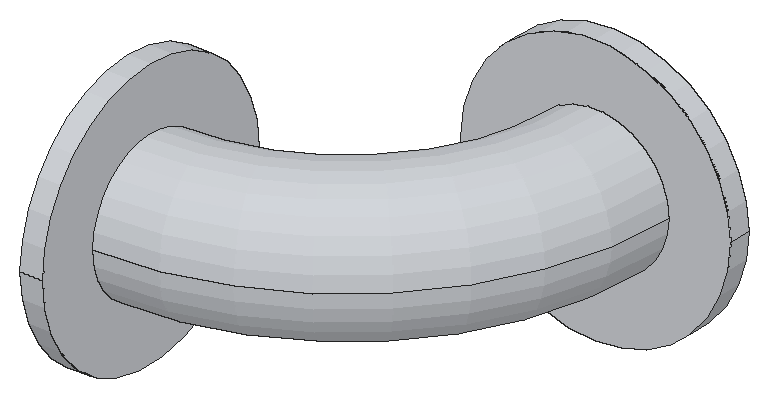
Revit family "e3e811a12c3f41afacd3b020e7b38702", category Pipe Fittings, Revit 2021
Family settings
  Round Connector Dimension = Use Radius
  Part Type = Elbow
  OmniClass Number = 23.60.30.11.14
  OmniClass Title = Pipework Fittings
  Seek Item ID = Elbow Long Radius - Flanged - GI - Class 25-0000-USA-ENU
  Work Plane-Based = No
  Always vertical = Yes
  Cut with Voids When Loaded = No
  Shared = No
Parameters (values of type "Standard")
  Wall Thickness [instance] = size_lookup(Lookup Table Name, "WThk", 0.02 * Nominal Diameter + 21/64", Nominal Diameter)  # 0.43307"
  Tick Size [instance] = Flange Diameter * 0.4  # 3.6063"
  Loss Method = K Coefficient from Table
  Lookup Table Name = "Elbow Long Radius - Flanged - GI - Class 25"
  Length 4 [instance] = Length 1 * sin(Angle)  # 9.01575"
  Length 3 [instance] = Length 1 * cos(Angle) + Length 1  # 9.01575"
  K Coefficient Table = "Long Radius Flanged 45, 90 and 180 Elbow"
  Fitting Outside Radius [instance] = Fitting Outside Diameter / 2  # 2.44094"
  Fitting Outside Diameter [instance] = Fitting Inside Diameter + Wall Thickness * 2  # 4.88189"
  Length 2 [instance] = (Fitting Outside Radius + 1/32") * tan(Angle / 2) + Flange Thickness  # 3.22023"
  Nominal Radius [instance] = 2"
  Nominal Diameter [instance] = Nominal Radius * 2  # 4"
  Fitting Inside Diameter [instance] = size_lookup(Lookup Table Name, "FID", 1.02 * Nominal Diameter - 0", Nominal Diameter)  # 4.01575"
  Length 1 [instance] = if(Center to Face > Fitting Outside Radius * tan(Angle / 2) + Flange Thickness, Center to Face, Length 2)  # 9.01575"
  Default Elevation = 0' - 0"
  Center to Face [instance] = size_lookup(Lookup Table Name, "CtF", 1.27 * Nominal Diameter + 4 1/256", Nominal Diameter)  # 9.01575"
  Center Radius [instance] = (Length 1 - Flange Thickness) / tan(Angle / 2)  # 8.26772"
  Flange Thickness [instance] = size_lookup(Lookup Table Name, "FThk", 0.03 * Nominal Diameter + 169/256", Nominal Diameter)  # 0.74803"
  Flange Radius [instance] = Flange Diameter / 2  # 4.50787"
  Flange Diameter [instance] = size_lookup(Lookup Table Name, "FDia", 1.16 * Nominal Diameter + 4 11/16", Nominal Diameter)  # 9.01575"
  Assembly Code = ""
  Angle [instance] = 90.00°
Reference planes (in)
  plane 1 "Center (Front/Back)": y = 0
  plane 2: z = 0
  plane 3 "Center (Left/Right)": x = 0
  plane 4: x = -8.26772
  plane 5: x = -9.01575
  plane 6: y = 8.26772
  plane 7: y = 3.6063
  plane 8: y = -3.6063
  plane 9: y = 9.01575
  plane 10: x = 0
Forms (in)
  Sweep 1, solid, detail levels fine
    path in 3D
      loop
        arc (-8.26772, 0, 0) -> (-2.42156, 2.42156, 0) -> (0, 8.26772, 0) r 8.26772
    profile origin (-2.42156, 2.42156, 0) x (-0.707107, 0.707107, 0) y (0, 0, 1)
      loop
        circle (0, 0) r 2.44094
  Sweep 2, solid, detail levels fine
    path in 3D
      loop
        line (-9.01575, 0, 0) -> (-8.26772, 0, 0)
    profile origin (-8.64173, 0, 0) x (0, 1, 0) y (0, 0, 1)
      loop
        circle (0, 0) r 4.50787
  Sweep 3, solid, detail levels fine
    path in 3D
      loop
        line (0, 8.26772, 0) -> (0, 9.01575, 0)
    profile origin (0, 8.64173, 0) x (-1, 0, 0) y (0, 0, 1)
      loop
        circle (0, 0) r 4.50787
Cuts and joins
  joined: Sweep 1, Sweep 2, Sweep 3
Lines and regions (in)
  model lines, detail levels coarse+medium
    curve 1: line (-9.01575, 0, 0) -> (-8.26772, 0, 0)
    curve 2: arc (-8.26772, 0, 0) -> (-2.42156, 2.42156, 0) -> (0, 8.26772, 0) r 8.26772
    curve 3: line (0, 8.26772, 0) -> (0, 9.01575, 0)
    curve 8: line (-9.01575, 0, 0) -> (-9.01575, 3.6063, 0)
    curve 9: line (-9.01575, 0, 0) -> (-9.01575, -3.6063, 0)
    curve 10: line (0, 9.01575, 0) -> (-3.6063, 9.01575, 0)
    curve 11: line (0, 9.01575, 0) -> (3.6063, 9.01575, 0)
  sketch lines
    curve 4: arc (-8.26772, 0, 0) -> (-2.42156, 2.42156, 0) -> (0, 8.26772, 0) r 8.26772
    curve 5: line (-9.01575, 0, 0) -> (-8.26772, 0, 0)
    curve 6: line (0, 8.26772, 0) -> (0, 9.01575, 0)
  reference lines
    curve 7: line (-9.01575, 0, 0) -> (-8.26772, 0, 0)
    curve 12: line (0, 9.01575, 0) -> (0, 8.26772, 0)
Dimensions and locks (in)
  "Center Radius": plane 6 to plane 1 "Center (Front/Back)"
  "Flange Thickness": plane 5 to plane 4
  "Tick Size": plane 7 to plane 1 "Center (Front/Back)"
  "Tick Size": plane 8 to plane 1 "Center (Front/Back)"
  "Flange Thickness": curve 3 to curve 3
  "Tick Size": curve 10 to curve 10
  "Tick Size": curve 11 to curve 11
  "Length 1": plane 5 to plane 3 "Center (Left/Right)"
  "Length 3": plane 5 to plane 10
  "Length 4": plane 9 to plane 1 "Center (Front/Back)"
  "Center Radius": radius of curve 2
  "Fitting Outside Radius": radius of Sweep 1 sketch curve
  "Flange Radius": radius of Sweep 2 sketch curve
  "Flange Radius": radius of Sweep 3 sketch curve
  "Angle": angle curve 2 to curve 2
  "Angle": angle plane 1 "Center (Front/Back)" to curve 3
  locked: curve 11 to curve 3 (angle 90.00°)
  locked: curve 3 to curve 10 (angle 90.00°)
  "Angle": angle plane 9 to curve 12
  aligned and locked: plane 4 to curve 2
  aligned and locked: plane 5 to curve 7
  aligned and locked: plane 1 "Center (Front/Back)" to curve 7
  aligned and locked: plane 7 to curve 8
  aligned and locked: plane 1 "Center (Front/Back)" to curve 9
  aligned and locked: plane 8 to curve 9
  aligned and locked: curve 9 to plane 5
  aligned and locked: plane 9 to curve 12
  aligned and locked: plane 10 to curve 12
Automatic sketch dimensions
  Sweep 1 sketch curve to profile plane = 0' - 0"  (x2)
  Sweep 2 sketch curve to profile plane = 0' - 0"  (x2)
  Sweep 3 sketch curve to profile plane = 0' - 0"  (x2)
  curve 7 to plane 4 = 0' - 0"
Connectors (in)
  piping at (-9.01575, 0, 0), diameter 4, driven by "Angle", driven by "Nominal Radius"
    settings: on cut or joined group of Sweep 1, Sweep 2, Sweep 3, index 1, connector inside diameter 4", connector length 0' - 0", flow factor 0, pipe flow 0 GPM, pressure drop 0.00 psi, fitting loss kfactor 0, connector angle 90.00°, fixture units 0, engagement length 0' - 0", angle of deflection 0.00°, flow configuration 0, flow direction 0, fitting loss method 0, system type 28, joint type 0, gender type 0, connector reference index 2, connector utility 0, adjustable connector no, is connector primary yes, connector description ""
  piping at (0, 9.01575, 0), diameter 4, driven by "Angle", driven by "Nominal Radius"
    settings: on cut or joined group of Sweep 1, Sweep 2, Sweep 3, index 2, connector inside diameter 4", connector length 0' - 0", flow factor 0, pipe flow 0 GPM, pressure drop 0.00 psi, fitting loss kfactor 0, connector angle 90.00°, fixture units 0, engagement length 0' - 0", angle of deflection 0.00°, flow configuration 0, flow direction 0, fitting loss method 0, system type 28, joint type 0, gender type 0, connector reference index 1, connector utility 0, adjustable connector no, is connector primary no, connector description ""
